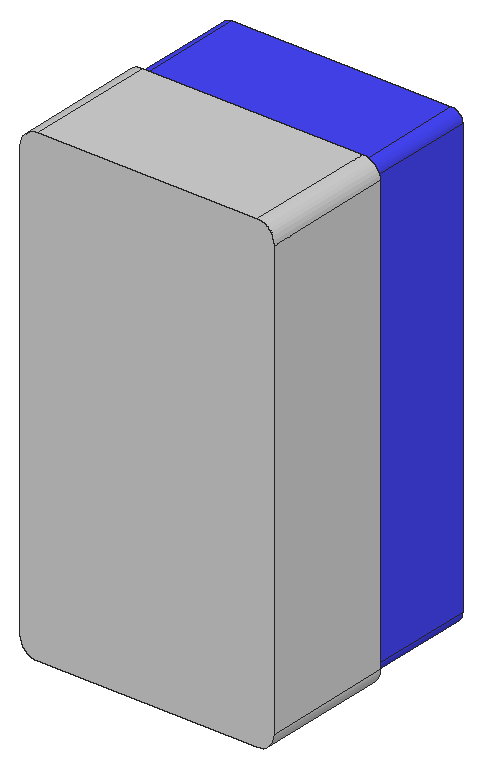
Revit family "Building-IEC309Connections-GEWISS-67IB-INTERLOCKED-SOCKET-OUTLETS_IP67_WITH_BOTTOM_63A", category Apparecchi elettrici, host Muro, Revit 2016 (continued)
Definition of nested family "2D - IB PRESE INTERBLOC VERT 63A + PORTAFUS IP67"
  Lines and regions (mm)
    model lines, in view "Livello rif."
      curve 229: arc (7.634, 245.766, 0) -> (7.527, 245.747, 0) -> (7.419, 245.725, 0) r 4.566
      curve 230: circle (0, 200.105, 0) r 35.268 normal (0, 0, 1)
      curve 231: arc (6.641, 245.582, 0) -> (3.329, 245.944, 0) -> (0, 246.065, 0) r 45.96
      curve 232: arc (0, 246.065, 0) -> (-2.093, 245.198, 0) -> (-2.96, 243.105, 0) r 2.96
      curve 233: arc (-2.96, 239.605, 0) -> (-2.093, 237.512, 0) -> (0, 236.645, 0) r 2.96
      curve 234: arc (6.307, 236.097, 0) -> (3.165, 236.508, 0) -> (0, 236.645, 0) r 36.54
      curve 235: arc (6.357, 235.748, 0) -> (6.339, 235.923, 0) -> (6.307, 236.097, 0) r 2.191
      curve 236: arc (24.602, 227.123, 0) -> (22.901, 228.578, 0) -> (21.115, 229.927, 0) r 36.54
      curve 237: arc (21.115, 229.927, 0) -> (20.971, 229.826, 0) -> (20.834, 229.715, 0) r 2.233
      curve 238: arc (24.602, 227.123, 0) -> (31.258, 227.437, 0) -> (30.938, 234.093, 0) r 4.71
      curve 239: arc (30.938, 234.093, 0) -> (29.295, 235.519, 0) -> (27.586, 236.865, 0) r 45.96
      curve 240: line (72.299, 12.5, 0) -> (72.5, 12.5, 0)
      curve 241: line (-2.96, 243.105, 0) -> (-2.96, 239.605, 0)
      curve 242: line (7.299, 245.719, 0) -> (6.83, 245.636, 0)
      curve 243: line (6.83, 245.636, 0) -> (6.641, 245.582, 0)
      curve 244: line (27.14, 237.517, 0) -> (27.287, 237.347, 0)
      curve 245: line (27.287, 237.347, 0) -> (27.421, 237.155, 0)
      curve 246: line (27.421, 237.155, 0) -> (27.586, 236.865, 0)
      curve 247: arc (-7.017, 180.944, 0) -> (-7.693, 189.475, 0) -> (-9.704, 197.794, 0) r 54.183
      curve 248: arc (-6.23, 171.458, 0) -> (0, 170.789, 0) -> (6.23, 171.458, 0) r 29.316
      curve 249: arc (9.704, 197.794, 0) -> (7.691, 189.465, 0) -> (7.017, 180.923, 0) r 54.183
      curve 250: arc (10.015, 198.717, 0) -> (9.857, 198.256, 0) -> (9.704, 197.794, 0) r 53.759
      curve 251: arc (10.015, 198.717, 0) -> (10.236, 200.104, 0) -> (9.964, 201.483, 0) r 4.001
      curve 252: arc (5.574, 224.985, 0) -> (6.667, 213.028, 0) -> (9.964, 201.483, 0) r 64.271
      curve 253: arc (-9.964, 201.483, 0) -> (-6.667, 213.028, 0) -> (-5.574, 224.985, 0) r 64.271
      curve 254: arc (-9.964, 201.483, 0) -> (-10.236, 200.104, 0) -> (-10.015, 198.717, 0) r 4.001
      curve 255: arc (-9.704, 197.794, 0) -> (-9.857, 198.256, 0) -> (-10.015, 198.717, 0) r 53.759
      curve 256: spline (-7.017, 172.435, 0) -> (-7.011, 172.322, 0) -> (-6.992, 172.211, 0) -> (-6.96, 172.102, 0) -> (-6.917, 171.998, 0) -> (-6.861, 171.9, 0) -> (-6.796, 171.808, 0) -> (-6.72, 171.724, 0) -> (-6.635, 171.649, 0) -> (-6.543, 171.584, 0) -> (-6.443, 171.531, 0) -> (-6.338, 171.488, 0) -> (-6.23, 171.458, 0)
      curve 257: spline (6.23, 171.458, 0) -> (6.338, 171.488, 0) -> (6.443, 171.531, 0) -> (6.543, 171.584, 0) -> (6.635, 171.649, 0) -> (6.72, 171.724, 0) -> (6.796, 171.808, 0) -> (6.861, 171.9, 0) -> (6.917, 171.998, 0) -> (6.96, 172.102, 0) -> (6.992, 172.211, 0) -> (7.011, 172.322, 0) -> (7.017, 172.435, 0)
      curve 258: line (-7.017, 180.944, 0) -> (-7.017, 172.435, 0)
      curve 259: line (7.017, 180.923, 0) -> (7.017, 172.435, 0)
      curve 260: line (5.607, 231.591, 0) -> (5.574, 224.985, 0)
      curve 261: line (-5.607, 231.591, 0) -> (-5.574, 224.985, 0)
Types (11, lengths in mm): name | Tipo Simbolo | Technical sheet | Reference h | Rated voltage: | Rated voltage | Presa | Potenza | Numero poli | Number of poles | No. of poles | Modello | Immagine tipo | IDT | EAN code | Descrizione | Colour: | Colour
  GW67256N - 63A 2P+E 110V V.INT.SOCK.O.W.B.4H SBF | PRESAINDSTAGNA : 2P | "https://www.gewiss.com/ww/en/search?q=GW67256N" | "4" | "100 - 130 V" | "100 - 130 V" | GEWISS - GIALLO | 110 V | 2 | "2P+E" | "2P+E" | "GW67256N" | GW67256N.jpg | "8fdad033-a92a-423d-bc6e-bef3b97897df" | "8011564742260" | "63A 2P+E 110V V.INT.SOCK.O.W.B.4H SBF" | "Yellow" | "Yellow"
  GW67257N - 63A 3P+E 110V V.INT.SOCK.O.W.B.4H SBF | PRESAINDSTAGNA : 3P | "https://www.gewiss.com/ww/en/search?q=GW67257N" | "4" | "100 - 130 V" | "100 - 130 V" | GEWISS - GIALLO | 110 V | 3 | "3P+E" | "3P+E" | "GW67257N" | GW67256N.jpg | "91e21c8c-c76c-4e34-ac3a-9f97cf986669" | "8011564742277" | "63A 3P+E 110V V.INT.SOCK.O.W.B.4H SBF" | "Yellow" | "Yellow"
  GW67258N - 63A 3P+N+E 110V V.INT.SOCK.O.W.B.4H SBF | PRESAINDSTAGNA : 3P | "https://www.gewiss.com/ww/en/search?q=GW67258N" | "4" | "100 - 130 V" | "100 - 130 V" | GEWISS - GIALLO | 110 V | 3 | "3P+N+E" | "3P+N+E" | "GW67258N" | GW67256N.jpg | "631404ad-5649-4120-8917-5fa8497cd763" | "8011564742284" | "63A 3P+N+E 110V V.INT.SOCK.O.W.B.4H SBF" | "Yellow" | "Yellow"
  GW67259N - 63A 2P+E 230V V.INT.SOCK.O.W.B.6H SBF | PRESAINDSTAGNA : 2P | "https://www.gewiss.com/ww/en/search?q=GW67259N" | "6" | "200 - 250 V" | "200 - 250 V" | GEWISS -BLU | 230 V | 2 | "2P+E" | "2P+E" | "GW67259N" | GW67259N.jpg | "7ddf4237-16a7-477c-9937-33ebed956893" | "8011564742291" | "63A 2P+E 230V V.INT.SOCK.O.W.B.6H SBF" | "Blue" | "Blue"
  GW67260N - 63A 3P+E 230V V.INT.SOCK.O.W.B.9H SBF | PRESAINDSTAGNA : 3P | "https://www.gewiss.com/ww/en/search?q=GW67260N" | "9" | "200 - 250 V" | "200 - 250 V" | GEWISS -BLU | 230 V | 3 | "3P+E" | "3P+E" | "GW67260N" | GW67259N.jpg | "67527fd8-7205-423c-9187-120e1a3945ee" | "8011564742307" | "63A 3P+E 230V V.INT.SOCK.O.W.B.9H SBF" | "Blue" | "Blue"
  GW67261N - 63A 3P+N+E 230V V.INT.SOCK.O.W.B.9H SBF | PRESAINDSTAGNA : 3P | "https://www.gewiss.com/ww/en/search?q=GW67261N" | "9" | "200 - 250 V" | "200 - 250 V" | GEWISS -BLU | 230 V | 3 | "3P+N+E" | "3P+N+E" | "GW67261N" | GW67259N.jpg | "055e547c-e120-4819-abdd-465e57ecccb4" | "8011564742314" | "63A 3P+N+E 230V V.INT.SOCK.O.W.B.9H SBF" | "Blue" | "Blue"
  GW67262N - 63A 2P+E 400V V.INT.SOCK.O.W.B.9H SBF | PRESAINDSTAGNA : 2P | "https://www.gewiss.com/ww/en/search?q=GW67262N" | "9" | "380 - 415 V" | "380 - 415 V" | GW - ROSSO | 400 V | 2 | "2P+E" | "2P+E" | "GW67262N" | GW67262N.jpg | "fb7d3f5e-b132-4634-977c-0418e4937dbc" | "8011564742321" | "63A 2P+E 400V V.INT.SOCK.O.W.B.9H SBF" | "Red" | "Red"
  GW67263N - 63A 3P+E 400V V.INT.SOCK.O.W.B.6H SBF | PRESAINDSTAGNA : 3P | "https://www.gewiss.com/ww/en/search?q=GW67263N" | "6" | "380 - 415 V" | "380 - 415 V" | GW - ROSSO | 400 V | 3 | "3P+E" | "3P+E" | "GW67263N" | GW67262N.jpg | "13e97b7c-4eef-48a1-8beb-254d1d083109" | "8011564742338" | "63A 3P+E 400V V.INT.SOCK.O.W.B.6H SBF" | "Red" | "Red"
  GW67264N - 63A 3P+N+E 400V V.INT.SOCK.O.W.B.6H SBF | PRESAINDSTAGNA : 3P | "https://www.gewiss.com/ww/en/search?q=GW67264N" | "6" | "380 - 415 V" | "380 - 415 V" | GW - ROSSO | 400 V | 3 | "3P+N+E" | "3P+N+E" | "GW67264N" | GW67262N.jpg | "135a3347-8137-4a4e-a16f-901cfc3f4d26" | "8011564742345" | "63A 3P+N+E 400V V.INT.SOCK.O.W.B.6H SBF" | "Red" | "Red"
  GW67265N - 63A 3P+E 500V V.INT.SOCK.O.W.B.7H SBF | PRESAINDSTAGNA : 3P | "https://www.gewiss.com/ww/en/search?q=GW67265N" | "7" | "480 - 500 V" | "480 - 500 V" | GEWISS - NERO | 500 V | 3 | "3P+E" | "3P+E" | "GW67265N" | GW67265N.jpg | "9ffe0ccf-5cf4-42d7-8c17-889b2288932e" | "8011564742352" | "63A 3P+E 500V V.INT.SOCK.O.W.B.7H SBF" | "Black" | "Black"
  GW67266N - 63A 3P+N+E 500V V.INT.SOCK.O.W.B.7H SBF | PRESAINDSTAGNA : 3P | "https://www.gewiss.com/ww/en/search?q=GW67266N" | "7" | "480 - 500 V" | "480 - 500 V" | GEWISS - NERO | 500 V | 3 | "3P+N+E" | "3P+N+E" | "GW67266N" | GW67265N.jpg | "a25d3694-d0a1-482b-9cd4-b67b9b60fa6b" | "8011564742369" | "63A 3P+N+E 500V V.INT.SOCK.O.W.B.7H SBF" | "Black" | "Black"
